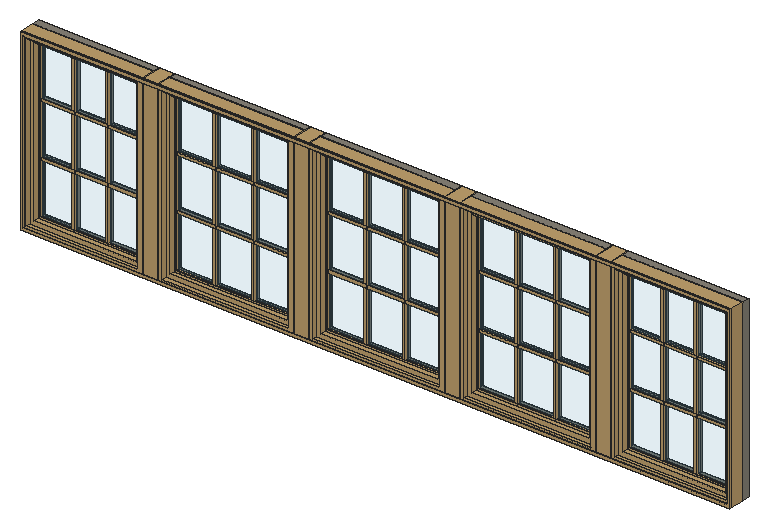
Revit family
Parameters (values of type "CUCA3648")
  Window Type = "Clad Ultimate Casement"
  Vent Area = VO Width * VO Height * 2  # 14.5236 SF
  VO Width = if(Operating Width < 1' 8", Operating Width - 0' 9 19/32", Operating Width - 0' 7 7/64")  # 2' - 0 57/64"
  VO Height = Height - 0' 5 29/256"  # 3' - 6 3/256"
  URL = "www.marvin.com"
  Stationary Width = if(Standard Marvin Widths, Stationary Unit Standard Width, Stationary Unit Width)  # 3' - 0"
  Stationary Units Array = if(Stationary Units < 2, 2, Stationary Units)  # 3
  Stationary Units = (Mulled Units - 2)  # 3
  Stationary Unit Width = Nominal Width Center Unit  # 3' - 0"
  Standard Marvin Widths = yes
  Prairie Corner Width = 0' - 4"
  Prairie Corner Height = 0' - 4"
  Operating Width = if(Standard Marvin Widths, Operating Unit Standard Width, Operating Unit Width)  # 2' - 8"
  Operating Units = 2  # constant formula
  Operating Unit Width = 2' - 8"
  Operating Unit Standard Width = Calc_Width Operating  # 2' - 8"
  Stationary Unit Standard Width = Calc_Width Stationary  # 3' - 0"
  Stationary Unit Mull Width = (Stationary Units * Stationary Width) + ((Stationary Units + 1) * Mull Space)  # 10' - 4"
  Stationary Single Visibility = Mulled Units Array = 3  # no
  Stationary Array Visibility = Mulled Units Array > 3  # yes
  Space = if(Mull Space > 0' 0 1/32", Mull Space, 0' 0 1/32")  # 0' - 4"
  Plan Swing Angle [instance] = 15.00°
  Nominal Width Center Unit = 3' - 0"
  Nominal Height = 4' - 0"
  Muntins Interior Material = Wood-Marvin-Pine
  Muntins Exterior Material = Aluminum-Marvin-Bronze
  Mulled Units Array = if(Mulled Units < 2, 2, Mulled Units)  # 5
  Mulled Units = 5
  Mull Space Units = if(Mulled Units < 3, 2, (Mulled Units - 1))  # 4
  Mull Space Single Visibility = and(Mulled Units Array = 2, Mull Space > 0' 0 1/32")  # no
  Mull Space Array Visibility = and(Mulled Units Array > 2, Mull Space > 0' 0 1/32")  # yes
  Mull Space = 0' - 4"
  Model Flanker CUCA = Calc_Model Width * 100 + Calc_Model Height  # 3248
  Model = "CUCA3648"
  Manufacturer = "Marvin Windows and Doors"
  Lites Wide Operator Constraint = if(Operating Unit Standard Width > 1' 4", Lites Wide, if(Lites Wide < 2, 1, 2))  # 3
  Lites Wide Operator = 3
  Lites Wide Constraint = if(Stationary Unit Standard Width > 1' 4", Lites Wide, if(Lites Wide < 2, 1, 2))  # 3
  Lites Wide = 3
  Lites High Constraint = if(Nominal Height > 1' 4", Lites High, if(Lites High < 2, 1, 2))  # 3
  Lites High = 3
  Lite Cut Prairie 9 Constraint = if(and(and(Stationary Unit Standard Width > 1' 4", Nominal Height > 1' 4"), and(Operating Unit Standard Width > 1' 4"), Nominal Height > 1' 4"), Lite Cut Prairie 9, 1 = 0)  # no
  Lite Cut Prairie 9 = no
  Lite Cut HV Grid = not(Lite Cut Prairie 9)  # yes
  Label Visibility = no
  Label Egress = if(and(and(VO Width > 1' 8", VO Height > 2' 0"), Vent Area > 5.70 SF), "EGRESS WDW", "")  # "EGRESS WDW"
  Label [instance] = and(Label Visibility, Mulled Units > 2)  # no
  Interior Material = Wood-Marvin-Pine
  Glazing Material = Glass-Marvin-IG Low E II with Argon
  Glass Type = "IG Low E II with Argon"
  Frame = "Aluminum Clad"
  Family created by = "www.rbuiltcomponents.com"
  Rough Width = Width + 0' 1"  # 15' - 9"
  Rough Height = Height + 0' 0 1/2"  # 3' - 11 5/8"
  Muntins Interior Visibility = yes
  Muntins Exterior Visibility = yes
  Jamb Extension Visibility = yes
  Inset to Installation Flange [instance] = 0' - 1"
  Height = Nominal Height - 0' 0 7/8"  # 3' - 11 1/8"
  Egress Window = if(and(and(VO Width > 1' 8", VO Height > 2' 0"), Vent Area > 5.70 SF), "Yes", "No")  # "Yes"
  Disclaimer line1 [instance] = "Verify assembly availability"  # constant formula
  Disclaimer line2 [instance] = "with a Marvin representative"  # constant formula
  Design Pressure = "DP50"
  Description = "3648 CSMT"
  Default Head Height = 8' - 0"
  Wall Closure = (empty or 0)
  Width = Operating Width * 2 + Stationary Unit Mull Width  # 15' - 8"
  Daylight Area = (DLO Width Operating * DLO Height * 2) + (DLO Width Stationary * DLO Height * Stationary Units)  # 41.0077 SF
  DLO Width Stationary = Stationary Width - 0' 5 13/16"  # 2' - 6 3/16"
  DLO Width Operating = Operating Width - 0' 5 13/16"  # 2' - 2 3/16"
  DLO Height = Height - 0' 5 13/16"  # 3' - 5 5/16"
  Cladding Material = Aluminum-Marvin-Bronze
  Calc_Width Stationary = if(Stationary Unit Width < 1' 5", 1' 4", if(Stationary Unit Width < 1' 7", 1' 6", if(Stationary Unit Width < 1' 10", 1' 8", if(Stationary Unit Width < 2' 1", 2' 0", if(Stationary Unit Width < 2' 3", 2' 2", if(Stationary Unit Width < 2' 5", 2' 4", if(Stationary Unit Width < 2' 7", 2' 6", if(Stationary Unit Width < 2' 10", 2' 8", if(Stationary Unit Width < 3' 2", 3' 0", 3' 4")))))))))  # 3' - 0"
  Calc_Width Operating = if(Operating Unit Width < 1' 5", 1' 4", if(Operating Unit Width < 1' 7", 1' 6", if(Operating Unit Width < 1' 10", 1' 8", if(Operating Unit Width < 2' 1", 2' 0", if(Operating Unit Width < 2' 3", 2' 2", if(Operating Unit Width < 2' 5", 2' 4", if(Operating Unit Width < 2' 7", 2' 6", if(Operating Unit Width < 2' 10", 2' 8", if(Operating Unit Width < 3' 2", 3' 0", 3' 4")))))))))  # 2' - 8"
  Calc_Model Width = (Operating Unit Standard Width * 12) / 1' 0"  # 32
  Calc_Model Height = (Nominal Height * 12) / 1' 0"  # 48
  Assembly Code = ""
  Note To User = "All Lite Constraints Apply To Standard Widths Or Heights < 1 - 6"  # constant formula
Reference planes (in)
  plane 1 "Center (Front/Back)": y = 0
  plane 2: z = 0
  plane 3 "Center (Left/Right)": x = 37
  plane 4 "Sill": z = 48.875
  plane 5 "Top": z = 96
  plane 6: z = 72.4375
  plane 7: x = -25
  plane 8: x = 99
  plane 9: y = 2
  plane 10 "Jamb Ext face": y = -2.5625
  plane 11: x = -21
  plane 12: x = 95
  plane 13 "Right": x = -57
  plane 14 "Left": x = 131
  plane 15: y = -2.59375
Forms (in)
  Sweep 1, solid, material "Wood-Marvin-Pine" <- "Interior Material", visible <- "Jamb Extension Visibility", detail levels medium+fine
    path origin (0, -2.5625, 0) x (1, 0, 0) y (0, 0, 1)
      loop
        line (-57, 96) -> (-57, 48.875) -> (131, 48.875) -> (131, 96) -> (-57, 96)
    profile origin (37, -2.5625, 96) x (0, 0, 1) y (0, -1, 0)
      loop
        line (0, 0.03125) -> (0, 0.4375) -> (-0.6875, 0.4375) -> (-0.6875, 0.03125) -> (0, 0.03125)
Lines and regions (in)
  Opening 1
    outline origin (-60, -3, 0) x (1, 0, 0) y (0, 0, 1)
      loop
        line (3, 96) -> (3, 48.875) -> (191, 48.875) -> (191, 96) -> (3, 96)
  Masking region 1, visible <- "Jamb Extension Visibility"
    outline origin (0, 0, 48.875) x (0, -1, 0) y (1, 0, 0)
      loop
        line (2.59375, -57) -> (3, -57) -> (3, 131) -> (2.59375, 131) -> (2.59375, -57)
  Masking region 2
    outline origin (37, 0, 0) x (0, 1, 0) y (0, 0, 1)
      loop
        line (3.09401, 96) -> (-2.5625, 96) -> (-2.5625, 48.875) -> (3.09401, 48.875) -> (3.09401, 96)
  Masking region 3, visible <- "Jamb Extension Visibility"
    outline origin (37, 0, 0) x (0, 1, 0) y (0, 0, 1)
      loop
        line (-2.59375, 96) -> (-3, 96) -> (-3, 48.875) -> (-2.59375, 48.875) -> (-2.59375, 96)
  symbolic lines, style "Windows"
    curve 1: line (-57, 3, 0) -> (-57, -3, 0)
    curve 2: line (131, 3, 0) -> (131, -3, 0)
  symbolic lines, style "WindowsFrameMullionProjection", detail levels coarse+medium
    curve 3: line (-3, 3.09401, 96) -> (-3, 3.09401, 94.812)
    curve 4: line (-3, 3.09401, 94.812) -> (-3, -2.56199, 94.812)
    curve 5: line (-3, -2.56199, 94.812) -> (-3, -2.56199, 96)
    curve 6: line (-3, 1.63401, 94.812) -> (-3, 1.63401, 93.104)
    curve 7: line (-3, 1.63401, 93.104) -> (-3, 0.01301, 93.104)
    curve 8: line (-3, 0.01301, 50.063) -> (-3, 0.01301, 51.771)
    curve 9: line (-3, 3.09401, 48.875) -> (-3, 3.09401, 50.063)
    curve 10: line (-3, 3.09401, 50.063) -> (-3, -2.56199, 50.063)
    curve 11: line (-3, -2.56199, 50.063) -> (-3, -2.56199, 48.875)
    curve 12: line (-3, 1.63401, 51.771) -> (-3, 0.01301, 51.771)
    curve 14: line (-3, 0.01301, 51.771) -> (-3, 0.01301, 93.104)
    curve 15: line (-3, 1.63401, 51.771) -> (-3, 1.63401, 50.063)
    curve 16: line (-3, 0.01301, 93.104) -> (-3, 0.01301, 94.812)
    curve 17: line (-3, 1.63401, 93.104) -> (-3, 1.63401, 51.771)
  symbolic lines, style "WindowsGlassProjection", detail levels coarse+medium
    curve 13: line (-3, 0.82598, 93.104) -> (-3, 0.82598, 51.771)
  symbolic lines, style "WindowsFrameMullionProjection"
    curve 18: line (-3, -2.56199, 50.063) -> (-3, -2.56199, 94.812)
  symbolic lines, style "WindowsFrameMullionProjection", visible <- "Jamb Extension Visibility", detail levels coarse+medium
    curve 19: line (37, -2.59375, 49.5625) -> (37, -3, 49.5625)
    curve 20: line (37, -3, 49.5625) -> (37, -3, 48.875)
    curve 25: line (37, -2.59375, 95.3125) -> (37, -3, 95.3125)
    curve 26: line (37, -3, 95.3125) -> (37, -3, 96)
    curve 27: line (-56.3125, -2.59375, 0) -> (-56.3125, -3, 0)
    curve 28: line (-56.3125, -3, 0) -> (-57, -3, 0)
    curve 29: line (130.3125, -2.59375, 0) -> (130.3125, -3, 0)
    curve 30: line (130.3125, -3, 0) -> (131, -3, 0)
  symbolic lines, style "Jamb Extension", visible <- "Jamb Extension Visibility", detail levels fine
    curve 21: line (37, -2.59375, 49.5625) -> (37, -3, 49.5625)
    curve 22: line (37, -3, 49.5625) -> (37, -3, 48.875)
    curve 23: line (37, -2.59375, 95.3125) -> (37, -3, 95.3125)
    curve 24: line (37, -3, 95.3125) -> (37, -3, 96)
    curve 31: line (130.3125, -2.59375, 0) -> (130.3125, -3, 0)
    curve 32: line (130.3125, -3, 0) -> (131, -3, 0)
    curve 33: line (-56.3125, -2.59375, 0) -> (-56.3125, -3, 0)
    curve 34: line (-56.3125, -3, 0) -> (-57, -3, 0)
Text (in)
  text "EXTERIOR" at (-58.6888, 50.90694, 0), in view "Ref. Level"
  text "INTERIOR" at (-58.6888, -37.76638, 0), in view "Ref. Level"
  text "Exterior" at (0, 43.65631, 123.19604), in view "Left"
  text "Exterior" at (0, 18.29385, 125.04747), in view "Right"
Dimensions and locks (in)
  "Height": plane 4 "Sill" to plane 5 "Top"
  equal spacing: plane 4 "Sill", plane 6, plane 5 "Top"
  "Default Head Height": plane 2 to plane 5 "Top"
  "Inset to Installation Flange": plane 9 to host wall
  locked: plane 10 "Jamb Ext face" to plane 9 at 4.5625
  nested 1 to host wall = 1' - 1"
  "Mull Space": plane 7 to plane 11
  "Mull Space": plane 12 to plane 8
  equal spacing: group 1, group 3, group 4, group 2  (x3)
  "Width": plane 13 "Right" to plane 14 "Left"
  equal spacing: plane 11, plane 3 "Center (Left/Right)", plane 12
  "Operating Width": plane 13 "Right" to plane 7
  "Operating Width": plane 8 to plane 14 "Left"
  equal spacing: group 5, group 7, group 6  (x3)
  equal spacing: plane 13 "Right", nested 9, plane 7
  equal spacing: plane 8, nested 10, plane 14 "Left"
  equal spacing: group 8, group 10, group 9  (x3)
  locked: plane 15 to plane 10 "Jamb Ext face" at 0.03125
  locked: Sweep 1 sketch curve to plane 5 "Top" at 0.6875
  aligned and locked: plane 5 "Top" to Opening 1 sketch curve
  aligned and locked: plane 4 "Sill" to Opening 1 sketch curve  (x2)
  aligned and locked: plane 3 "Center (Left/Right)" to nested 1
  aligned and locked: host wall to curve 1  (x2)
  aligned and locked: host wall to curve 2  (x2)
  aligned and locked: plane 3 "Center (Left/Right)" to nested 2
  aligned and locked: plane 9 to nested 2
  aligned and locked: plane 4 "Sill" to nested 3
  aligned and locked: plane 7 to nested 3
  aligned and locked: plane 9 to nested 3
  aligned and locked: nested 4 to plane 8
  aligned and locked: plane 9 to nested 4
  aligned and locked: nested 4 to plane 4 "Sill"
  aligned and locked: Masking region 1 sketch curve to host wall
  aligned and locked: plane 4 "Sill" to nested 5
  aligned and locked: plane 7 to nested 5
  aligned and locked: plane 9 to nested 5
  aligned and locked: plane 5 "Top" to Masking region 2 sketch curve
  aligned and locked: Masking region 2 sketch curve to plane 4 "Sill"
  aligned and locked: plane 4 "Sill" to nested 8
  aligned and locked: plane 9 to nested 8
  aligned and locked: curve 10 to nested 8
  aligned and locked: curve 11 to nested 8
  aligned and locked: nested 8 to curve 8
  aligned and locked: curve 15 to nested 8
  aligned and locked: curve 12 to nested 8
  aligned and locked: curve 5 to nested 8
  aligned and locked: curve 4 to nested 8
  aligned and locked: curve 6 to nested 8
  aligned and locked: curve 16 to nested 8
  aligned and locked: curve 7 to nested 8
  aligned and locked: nested 9 to nested 1
  aligned and locked: nested 10 to nested 1
  aligned and locked: plane 14 "Left" to nested 12
  aligned and locked: nested 12 to plane 9
  aligned and locked: plane 13 "Right" to nested 11
  aligned and locked: plane 9 to nested 11
  aligned and locked: plane 14 "Left" to Opening 1 sketch curve
  aligned and locked: plane 13 "Right" to Opening 1 sketch curve
  aligned and locked: plane 11 to nested 13
  aligned and locked: plane 9 to nested 13
  aligned and locked: nested 14 to plane 12
  aligned and locked: plane 9 to nested 14
  aligned and locked: plane 3 "Center (Left/Right)" to nested 16
  aligned and locked: plane 9 to nested 16
  aligned and locked: Masking region 1 sketch curve to plane 14 "Left"
  aligned and locked: plane 13 "Right" to Masking region 1 sketch curve
  aligned and locked: curve 1 to plane 13 "Right"
  aligned and locked: curve 2 to plane 14 "Left"
  aligned and locked: plane 11 to nested 17
  aligned and locked: plane 9 to nested 17
  aligned and locked: nested 17 to plane 4 "Sill"
  aligned and locked: plane 13 "Right" to nested 18
  aligned and locked: plane 9 to nested 18
  aligned and locked: plane 14 "Left" to nested 19
  aligned and locked: plane 9 to nested 19
  aligned and locked: plane 4 "Sill" to nested 19
  aligned and locked: nested 18 to plane 4 "Sill"
  aligned and locked: Masking region 2 sketch curve to nested 18
  aligned and locked: plane 12 to nested 20
  aligned and locked: plane 9 to nested 20
  aligned and locked: nested 20 to plane 4 "Sill"
  aligned and locked: plane 15 to Masking region 1 sketch curve
  aligned and locked: Masking region 2 sketch curve to plane 10 "Jamb Ext face"
  aligned and locked: plane 5 "Top" to Masking region 3 sketch curve
  aligned and locked: Masking region 3 sketch curve to plane 4 "Sill"
  aligned and locked: Masking region 3 sketch curve to host wall
  aligned and locked: plane 15 to Masking region 3 sketch curve
  aligned and locked: plane 13 "Right" to Sweep 1 sketch curve
  aligned and locked: Sweep 1 sketch curve to plane 14 "Left"
  aligned and locked: Sweep 1 sketch curve to plane 4 "Sill"
  aligned and locked: plane 5 "Top" to Sweep 1 sketch curve
  aligned and locked: plane 15 to Sweep 1 sketch curve
  aligned and locked: Sweep 1 sketch curve to host wall
  aligned and locked: profile plane to Sweep 1 sketch curve
  aligned and locked: curve 19 to Sweep 1  (x2)
  aligned and locked: host wall to curve 19
  aligned and locked: curve 23 to Sweep 1  (x2)
  aligned and locked: curve 24 to Sweep 1
  aligned and locked: curve 3 to nested 18
  aligned and locked: curve 9 to nested 18
  aligned and locked: Sweep 1 to curve 27
  aligned and locked: curve 27 to Sweep 1
  aligned and locked: curve 28 to host wall
  aligned and locked: Sweep 1 to curve 29
  aligned and locked: curve 29 to Sweep 1
  aligned and locked: host wall to curve 30
  aligned and locked: nested 2 to plane 4 "Sill"
Automatic sketch dimensions
  curve 11 to plane 4 "Sill" = 0' - 0"
  curve 5 to plane 5 "Top" = 0' - 0"
  curve 9 to plane 4 "Sill" = 0' - 0"
  curve 3 to plane 5 "Top" = 0' - 0"
  curve 8 to curve 13 = 0' - 0.81298"
  curve 22 to plane 4 "Sill" = 0' - 0"
  curve 24 to plane 5 "Top" = 0' - 0"
Nested families (in)
  nested 1: "Label Annotation 1-16 w3" at (37, 16, 0), visible <- "Label", type "Label Annotation 1-16 w3"
  nested 2: "Window-Casement-Marvin-Clad_Ultimate" at (37, 2, 0), visible <- "Stationary Single Visibility", type "Stationary Unit"
    with Elevation Swing RH no, Elevation Swing LH no
  nested 3: "Mull Space" at (-23, 2, 0), type "Mull Space"
  nested 4: "Mull Space" at (97, 2, 0), type "Mull Space"
  nested 5: "Mull Space" at (-23, 2, 0), visible <- "Mull Space Single Visibility", type "Mull Space"
  nested 6: "Mull Space" at (17, 2, 0), type "Mull Space"
  nested 7: "Mull Space" at (57, 2, 0), type "Mull Space"
  nested 8: "Casement_Section_Detail" at (37, 2, 96) x (0, -1, 0) z (1, 0, 0), type "Casement_Section_Detail", detail levels fine
  nested 9: "Label Annotation 1-16 w7" at (-41, 16, 0), visible <- "Label Visibility", type "Label Annotation 1-16 w7"
    with Model 3248
  nested 10: "Label Annotation 1-16 w7" at (115, 16, 0) x (-1, 0, 0) z (0, 0, 1), visible <- "Label Visibility", type "Label Annotation 1-16 w7"
    with Model 3248
  nested 11: "Plan_Detail_Operating" at (-41, 2, 0), type "Plan_Detail"
    with Width 2' - 8", Plan Swing RH no, Plan Swing Length 2' - 5 5/8"
  nested 12: "Plan_Detail_Operating" at (115, 2, 0) x (-1, 0, 0) z (0, 0, 1), type "Plan_Detail"
    with Width 2' - 8", Plan Swing RH no, Plan Swing Length 2' - 5 5/8"
  nested 13: "Plan_Detail" at (-3, 2, 0), visible <- "Stationary Array Visibility", type "Plan_Detail", detail levels fine
  nested 14: "Plan_Detail" at (77, 2, 0), visible <- "Stationary Array Visibility", type "Plan_Detail", detail levels fine
  nested 15: "Plan_Detail" at (37, 2, 0), visible <- "Stationary Array Visibility", type "Plan_Detail", detail levels fine
  nested 16: "Plan_Detail" at (37, 2, 0), visible <- "Stationary Single Visibility", type "Plan_Detail", detail levels fine
  nested 17: "Window-Casement-Marvin-Clad_Ultimate" at (-3, 2, 0), visible <- "Stationary Array Visibility", type "Stationary Unit"
    with Elevation Swing RH no, Elevation Swing LH no
  nested 18: "Window-Casement-Marvin-Clad_Ultimate" at (-41, 2, 0), type "Operating Unit"
    with Elevation Swing RH yes, Elevation Swing LH no
  nested 19: "Window-Casement-Marvin-Clad_Ultimate" at (115, 2, 0), type "Operating Unit"
    with Elevation Swing RH no, Elevation Swing LH yes
  nested 20: "Window-Casement-Marvin-Clad_Ultimate" at (77, 2, 0), visible <- "Stationary Array Visibility", type "Stationary Unit"
    with Elevation Swing RH no, Elevation Swing LH no
  nested 21: "Window-Casement-Marvin-Clad_Ultimate" at (37, 2, 0), visible <- "Stationary Array Visibility", type "Stationary Unit"
    with Elevation Swing RH no, Elevation Swing LH no
Definition of nested family "Window-Casement-Marvin-Clad_Ultimate"
  Parameters (values of type "Stationary Unit")
    Width = 0' - 0"
    Unit Width = 3' - 0"
    Prairie Corner Width = 0' - 4"
    Prairie Corner Height = 0' - 4"
    Muntins Interior Material = Wood-Marvin-Pine
    Muntins Interior = yes
    Muntins Exterior Material = Aluminum-Marvin-Bronze
    Muntins Exterior = yes
    Lites Wide = 3
    Lites High = 3
    Lite Cut Prairie 9 = no
    Lite Cut HV Grid = yes
    Interior Finish = Wood-Marvin-Pine
    Height = 3' - 11 1/8"
    Glazing Material = Glass-Marvin-IG Low E II with Argon
    Elevation Swing RH [instance] = yes
    Elevation Swing LH [instance] = no
    DLO Width = Unit Width - 0' 5 13/16"  # 2' - 6 3/16"
    DLO Height = Height - 0' 5 13/16"  # 3' - 5 5/16"
    Cladding Finish = Aluminum-Marvin-Bronze
    Assembly Code = ""
  Types (2): name | Unit Width | DLO Width
    Stationary Unit | 3' - 0" | 2' - 6 3/16"
    Operating Unit | 2' - 8" | 2' - 2 3/16"
  Reference planes (in)
    plane 1 "Center (Front/Back)": y = 0
    plane 2: z = 0
    plane 3 "Center (Left/Right)": x = 0
    plane 4: x = 18
    plane 5: x = -18
    plane 6 "Glazing": y = -0.75
    plane 7: y = -4.5625
    plane 8: z = 96
    plane 9 "Sill": z = 48.875
    plane 10: z = 72.4375
  Forms (in)
    Sweep 1, solid, material "Aluminum-Marvin-Bronze" <- "Cladding Finish"
      path origin (0, -0.75, 0) x (1, 0, 0) y (0, 0, 1)
        loop
          line (-18, 48.875) -> (18, 48.875) -> (18, 96) -> (-18, 96) -> (-18, 48.875)
      profile "Profile_Ext_Clad_Frame : Profile_Ext_Clad_Frame" origin (0, -0.75, 48.875) x (0, 0, 1) y (0, -1, 0)
        loop
          line (0, 0) -> (0, -1.84401) -> (0.52105, -1.84401) -> (0.62315, -0.38401) -> (2.696, -0.38401) -> (2.696, -0.2654) -> (2.896, -0.0654) -> (2.896, 0) -> (0, 0)
    Sweep 2, solid, material "Wood-Marvin-Pine" <- "Interior Finish"
      path origin (0, -0.75, 0) x (1, 0, 0) y (0, 0, 1)
        loop
          line (18, 48.875) -> (18, 96) -> (-18, 96) -> (-18, 48.875) -> (18, 48.875)
      profile "Profile_Int_Frame : Profile_Int_Frame" origin (0, -0.75, 48.875) x (0, 0, -1) y (0, -1, 0)
        loop
          line (0, 0) -> (0, 3.81199) -> (-1.188, 3.81199) -> (-1.188, 2.71113) -> (-2.30184, 2.71113) -> (-2.30184, 1.23699) -> (-2.7085, 1.23699) -> (-2.7085, 1.13715) -> (-2.896, 0.94965) -> (-2.896, 0.75299) -> (-2.208, 0.75299) -> (-2.208, 0) -> (0, 0)
    Extrusion 3, solid, material "Glass-Marvin-IG Low E II with Argon" <- "Glazing Material"
      sketch origin (0, -0.75, 0) x (1, 0, 0) y (0, 0, 1)
        loop
          line (15.75, 93.75) -> (-15.75, 93.75) -> (-15.75, 51.125) -> (15.75, 51.125) -> (15.75, 93.75)
      from 0 to 0.75299
  Lines and regions (in)
    Masking region 1
      outline origin (0, 0, 48.875) x (1, 0, 0) y (0, 1, 0)
        loop
          line (-18, 1.09401) -> (-18, -4.5625) -> (18, -4.5625) -> (18, 1.09401) -> (-18, 1.09401)
    symbolic lines, style "Elevation Swing", visible <- "Elevation Swing RH"
      curve 1: line (17.37685, 0, 49.49815) -> (-17.37685, 0, 72.4375)
      curve 2: line (17.37685, 0, 95.37685) -> (-17.37685, 0, 72.4375)
    symbolic lines, style "Elevation Swing", visible <- "Elevation Swing LH"
      curve 3: line (-17.37685, 0, 49.49815) -> (17.37685, 0, 72.4375)
      curve 4: line (-17.37685, 0, 95.37685) -> (17.37685, 0, 72.4375)
    symbolic lines, style "WindowsFrameMullionProjection", detail levels coarse+medium
      curve 5: line (-16.812, -4.56199, 48.875) -> (-18, -4.56199, 48.875)
      curve 6: line (-16.812, 1.09401, 48.875) -> (-16.812, -4.56199, 48.875)
      curve 7: line (-18, 1.09401, 48.875) -> (-16.812, 1.09401, 48.875)
      curve 8: line (-18, -4.56199, 48.875) -> (-18, 1.09401, 48.875)
      curve 9: line (16.812, -4.56199, 48.875) -> (18, -4.56199, 48.875)
      curve 10: line (16.812, 1.09401, 48.875) -> (16.812, -4.56199, 48.875)
      curve 11: line (18, 1.09401, 48.875) -> (16.812, 1.09401, 48.875)
      curve 12: line (18, -4.56199, 48.875) -> (18, 1.09401, 48.875)
      curve 13: line (-16.812, -0.36599, 48.875) -> (-15.104, -0.36599, 48.875)
      curve 14: line (-15.104, -1.98699, 48.875) -> (-16.812, -1.98699, 48.875)
      curve 15: line (-15.104, -0.36599, 48.875) -> (-15.104, -1.98699, 48.875)
      curve 16: line (16.812, -0.36599, 48.875) -> (15.104, -0.36599, 48.875)
      curve 17: line (15.104, -1.98699, 48.875) -> (16.812, -1.98699, 48.875)
      curve 18: line (15.104, -0.36599, 48.875) -> (15.104, -1.98699, 48.875)
      curve 20: line (-15.104, -0.36599, 48.875) -> (15.104, -0.36599, 48.875)
      curve 21: line (-15.104, -1.98699, 48.875) -> (15.104, -1.98699, 48.875)
    symbolic lines, style "WindowsGlassProjection", detail levels coarse+medium
      curve 19: line (-15.104, -1.17649, 48.875) -> (15.104, -1.17649, 48.875)
  Dimensions and locks (in)
    equal spacing: plane 5, plane 3 "Center (Left/Right)", plane 4
    "Unit Width": plane 5 to plane 4
    locked: plane 6 "Glazing" to plane 1 "Center (Front/Back)" at 0.75
    locked: plane 7 to plane 1 "Center (Front/Back)" at 4.5625
    plane 2 to plane 8 = 8' - 0"
    "Height": plane 9 "Sill" to plane 8
    equal spacing: plane 9 "Sill", plane 10, plane 8
    locked: Extrusion 3 sketch curve to plane 8 at 2.25
    locked: plane 9 "Sill" to Extrusion 3 sketch curve at 2.25
    locked: Extrusion 3 sketch curve to plane 5 at 2.25
    plane 4 to Extrusion 3 sketch curve = 0' - 2 1/4"
    aligned and locked: Sweep 1 sketch curve to plane 4
    aligned and locked: plane 9 "Sill" to Sweep 1 sketch curve
    aligned and locked: plane 5 to Sweep 1 sketch curve
    aligned and locked: Sweep 1 sketch curve to plane 8
    aligned and locked: plane 9 "Sill" to Sweep 2 sketch curve
    aligned and locked: Sweep 2 sketch curve to plane 8
    aligned and locked: Sweep 2 sketch curve to plane 4
    aligned and locked: plane 5 to Sweep 2 sketch curve
    aligned and locked: Extrusion 3 to plane 6 "Glazing"
    aligned and locked: Extrusion 3 to Sweep 2
    aligned and locked: plane 5 to Masking region 1 sketch curve
    aligned and locked: Masking region 1 sketch curve to plane 4
    aligned and locked: Masking region 1 sketch curve to Sweep 1
    aligned and locked: Masking region 1 sketch curve to plane 7
    aligned and locked: plane 6 "Glazing" to nested 2
    aligned and locked: nested 1 to Sweep 2
    aligned and locked: nested 2 to plane 10
    aligned and locked: nested 2 to plane 3 "Center (Left/Right)"
    aligned and locked: plane 10 to nested 1
    aligned and locked: plane 3 "Center (Left/Right)" to nested 1
    aligned and locked: Sweep 1 to curve 3  (x2)
    aligned and locked: curve 4 to Sweep 1
    aligned and locked: curve 1 to Sweep 1
    aligned and locked: Sweep 1 to curve 1
    aligned and locked: Sweep 1 to curve 2
  Automatic sketch dimensions
    curve 8 to plane 5 = 0' - 0"
    curve 11 to plane 4 = 0' - 0"
    plane 5 to curve 14 = 0' - 1.188"
    curve 14 to curve 15 = 0' - 1.708"
    curve 21 to plane 4 = 0' - 2.896"
    curve 17 to plane 4 = 0' - 1.188"
    curve 9 to plane 7 = 0' - 0.00051"
    plane 1 "Center (Front/Back)" to curve 16 = 0' - 0.36599"
    curve 5 to plane 7 = 0' - 0.00051"
    plane 6 "Glazing" to curve 14 = 0' - 1.23699"
    plane 6 "Glazing" to curve 19 = 0' - 0.42649"
    curve 7 to plane 1 "Center (Front/Back)" = 0' - 1.09401"
    curve 10 to plane 1 "Center (Front/Back)" = 0' - 1.09401"
    curve 2 to plane 10 = 0' - 0"
    curve 4 to plane 10 = 0' - 0"
    plane 9 "Sill" to curve 1 = 0' - 0.62315"
    plane 9 "Sill" to curve 3 = 0' - 0.62315"
    curve 4 to plane 8 = 0' - 0.62315"
    curve 2 to plane 8 = 0' - 0.62315"
  Nested families (in)
    nested 1: "Muntins" at (0, -1.50299, 15.78125), Muntin Material <- "Muntins Interior Material", visible <- "Muntins Interior", type "Muntins"
      with Muntin Material Wood-Marvin-Pine, GlazingWidth 2' - 6 3/16", GlazingHeight 3' - 5 5/16", Width 2' - 6 5/8", Height 3' - 5 3/4", Inset Vert 0' - 9.83333", Inset Horiz 1' - 1.54167"
    nested 2: "Muntins" at (0, -0.75, 15.78125), Muntin Material <- "Muntins Exterior Material", visible <- "Muntins Exterior", type "Muntins"
      with Muntin Material Aluminum-Marvin-Bronze, GlazingWidth 2' - 6 3/16", GlazingHeight 3' - 5 5/16", Width 2' - 6 5/8", Height 3' - 5 3/4", Inset Vert 0' - 9.83333", Inset Horiz 1' - 1.54167"
  Definition of nested family "Muntins"
    Parameters (values of type "Muntins")
      PrairieMuntVisible = no
      Prairie Corner Width = 0' - 4"
      Prairie Corner Height = 0' - 4"
      Muntin Extension = 0' - 0 7/16"
      GridMuntVisible = yes
      GlazingWidth = 2' - 0"
      GlazingHeight = 2' - 11 1/8"
      Width = GlazingWidth + Muntin Extension  # 2' - 0 7/16"
      VerticalMuntins = if(LitesHorizontal < 3, 2, LitesHorizontal - 1)  # 2
      VertMuntVisible = and(GridMuntVisible, LitesHorizontal > 2)  # yes
      MuntinWidth = 0' - 0 3/4"
      MuntinDepth [instance] = 0' - 0 3/8"
      Muntin Material [instance] = none
      LitesVertical = 3
      LitesHorizontal = 3
      HorizontalMuntins = if(LitesVertical < 3, 2, LitesVertical - 1)  # 2
      HorizMuntVisible = and(GridMuntVisible, LitesVertical > 2)  # yes
      Height = GlazingHeight + Muntin Extension  # 2' - 11 9/16"
      Inset Vert = if(LitesHorizontal < 3, (Width / 3) - (MuntinWidth / 2), (Width / LitesHorizontal) - (MuntinWidth / 2))  # 0' - 7.77083"
      Inset Horiz = if(LitesVertical < 3, (Height / 3) - (MuntinWidth / 2), (Height / LitesVertical) - (MuntinWidth / 2))  # 0' - 11.47917"
      CenterMuntinVertical = and(GridMuntVisible, LitesHorizontal = 2)  # no
      CenterMuntinHorizontal = and(GridMuntVisible, LitesVertical = 2)  # no
      Assembly Code = ""
    Reference planes (in)
      plane 1 "Center (Front/Back)": y = 0
      plane 2: z = 0
      plane 3 "Center (Left/Right)": x = 0
      plane 4: z = 35.78125
      plane 5: z = 53.5625
      plane 6: z = 71.34375
      plane 7: z = 59.86458
      plane 8: z = 47.26042
      plane 9: z = 71.125
      plane 10: z = 36
      plane 11: x = -12
      plane 12: x = 12
      plane 13: x = -4.44792
      plane 14: x = -12.21875
      plane 15: x = 12.21875
      plane 16: x = 4.44792
      plane 17: z = 67.125
      plane 18: z = 40
      plane 19: x = -8
      plane 20: x = 8
    Forms (in)
      Extrusion 1, solid, material <- "Muntin Material", visible <- "CenterMuntinVertical", detail levels medium+fine
        sketch origin (9, 0, 0) x (1, 0, 0) y (0, 0, 1)
          loop
            line (-9.375, 71.34375) -> (-9.375, 35.78125) -> (-8.625, 35.78125) -> (-8.625, 71.34375) -> (-9.375, 71.34375)
        from 0 to 0.375 <- "MuntinDepth"
      Extrusion 2, solid, material <- "Muntin Material", visible <- "CenterMuntinHorizontal", detail levels medium+fine
        sketch origin (-0.0013, 0, 14.6875) x (1, 0, 0) y (0, 0, 1)
          loop
            line (-12.21745, 39.25) -> (-12.21745, 38.5) -> (12.22005, 38.5) -> (12.22005, 39.25) -> (-12.21745, 39.25)
        from 0 to 0.375 <- "MuntinDepth"
      Extrusion 3, solid, material <- "Muntin Material", visible <- "VertMuntVisible", detail levels medium+fine
        sketch origin (4.92708, 0, -2.90625) x (1, 0, 0) y (0, 0, 1)
          loop
            line (-9.375, 74.25) -> (-9.375, 38.6875) -> (-8.625, 38.6875) -> (-8.625, 74.25) -> (-9.375, 74.25)
        from 0 to 0.375 <- "MuntinDepth"
      Extrusion 4, solid, material <- "Muntin Material", visible <- "HorizMuntVisible", detail levels medium+fine
        sketch origin (-3.09635, 0, 14.17708) x (1, 0, 0) y (0, 0, 1)
          loop
            line (-9.1224, 45.6875) -> (-9.1224, 44.9375) -> (15.3151, 44.9375) -> (15.3151, 45.6875) -> (-9.1224, 45.6875)
        from 0 to 0.375 <- "MuntinDepth"
      Extrusion 5, solid, material <- "Muntin Material", visible <- "HorizMuntVisible", detail levels medium+fine
        sketch origin (-3.09635, 0, 2.32292) x (1, 0, 0) y (0, 0, 1)
          loop
            line (-9.1224, 45.6875) -> (-9.1224, 44.9375) -> (15.3151, 44.9375) -> (15.3151, 45.6875) -> (-9.1224, 45.6875)
        from 0 to 0.375 <- "MuntinDepth"
      Extrusion 6, solid, material <- "Muntin Material", visible <- "VertMuntVisible", detail levels medium+fine
        sketch origin (13.07292, 0, -2.90625) x (1, 0, 0) y (0, 0, 1)
          loop
            line (-9.375, 74.25) -> (-9.375, 38.6875) -> (-8.625, 38.6875) -> (-8.625, 74.25) -> (-9.375, 74.25)
        from 0 to 0.375 <- "MuntinDepth"
      Extrusion 7, solid, material <- "Muntin Material", visible <- "PrairieMuntVisible", detail levels medium+fine
        sketch origin (1, 0, 0) x (1, 0, 0) y (0, 0, 1)
          loop
            line (-9, 71.34375) -> (-9, 35.78125) -> (-8.25, 35.78125) -> (-8.25, 71.34375) -> (-9, 71.34375)
        from 0 to 0.375 <- "MuntinDepth"
      Extrusion 8, solid, material <- "Muntin Material", visible <- "PrairieMuntVisible", detail levels medium+fine
        sketch origin (17, 0, 0) x (1, 0, 0) y (0, 0, 1)
          loop
            line (-9.75, 71.34375) -> (-9.75, 35.78125) -> (-9, 35.78125) -> (-9, 71.34375) -> (-9.75, 71.34375)
        from 0 to 0.375 <- "MuntinDepth"
      Extrusion 9, solid, material <- "Muntin Material", visible <- "PrairieMuntVisible", detail levels medium+fine
        sketch origin (-0.0013, 0, 28.25) x (1, 0, 0) y (0, 0, 1)
          loop
            line (-12.21745, 38.875) -> (-12.21745, 38.125) -> (12.22005, 38.125) -> (12.22005, 38.875) -> (-12.21745, 38.875)
        from 0 to 0.375 <- "MuntinDepth"
      Extrusion 10, solid, material <- "Muntin Material", visible <- "PrairieMuntVisible", detail levels medium+fine
        sketch origin (-0.0013, 0, 1.125) x (1, 0, 0) y (0, 0, 1)
          loop
            line (-12.21745, 39.625) -> (-12.21745, 38.875) -> (12.22005, 38.875) -> (12.22005, 39.625) -> (-12.21745, 39.625)
        from 0 to 0.375 <- "MuntinDepth"
    Cuts and joins
      joined: Extrusion 7, Extrusion 8, Extrusion 9, Extrusion 10
    Lines and regions (in)
      model lines, style "Muntins", visible <- "CenterMuntinHorizontal", detail levels coarse
        curve 1: line (-12.21875, 0, 53.5625) -> (12.21875, 0, 53.5625)
      model lines, style "Muntins", visible <- "HorizMuntVisible", detail levels coarse
        curve 2: line (-12.21875, 0, 59.48958) -> (12.21875, 0, 59.48958)
        curve 3: line (-12.21875, 0, 47.63542) -> (12.21875, 0, 47.63542)
      model lines, style "Muntins", visible <- "CenterMuntinVertical", detail levels coarse
        curve 4: line (0, 0, 71.34375) -> (0, 0, 35.78125)
      model lines, style "Muntins", visible <- "VertMuntVisible", detail levels coarse
        curve 5: line (-4.07292, 0, 71.34375) -> (-4.07292, 0, 35.78125)
        curve 6: line (4.07292, 0, 71.34375) -> (4.07292, 0, 35.78125)
      model lines, style "Muntins", visible <- "PrairieMuntVisible", detail levels coarse
        curve 7: line (-12.21875, 0, 66.75) -> (12.21875, 0, 66.75)
        curve 8: line (-12.21875, 0, 40.375) -> (12.21875, 0, 40.375)
        curve 9: line (-7.625, 0, 35.78125) -> (-7.625, 0, 71.34375)
        curve 10: line (7.625, 0, 35.78125) -> (7.625, 0, 71.34375)
    Dimensions and locks (in)
      "Inset Horiz": plane 6 to plane 7
      "Inset Horiz": plane 8 to plane 4
      equal spacing: plane 6, plane 5, plane 4
      "Height": plane 6 to plane 4
      "GlazingHeight": plane 9 to plane 10
      equal spacing: plane 9, plane 5, plane 10
      "GlazingWidth": plane 12 to plane 11
      equal spacing: plane 12, plane 3 "Center (Left/Right)", plane 11
      "MuntinWidth": Extrusion 1 sketch curve to Extrusion 1 sketch curve
      "Height": Extrusion 1 sketch curve to Extrusion 1 sketch curve
      "MuntinWidth": Extrusion 2 sketch curve to Extrusion 2 sketch curve
      "Width": Extrusion 2 sketch curve to Extrusion 2 sketch curve
      "MuntinWidth": Extrusion 3 sketch curve to Extrusion 3 sketch curve
      "Height": Extrusion 3 sketch curve to Extrusion 3 sketch curve
      "Width": plane 15 to plane 14
      equal spacing: plane 15, plane 3 "Center (Left/Right)", plane 14
      "Inset Vert": plane 13 to plane 14
      "Inset Vert": plane 15 to plane 16
      "MuntinWidth": Extrusion 4 sketch curve to Extrusion 4 sketch curve
      "Width": Extrusion 4 sketch curve to Extrusion 4 sketch curve
      "MuntinWidth": Extrusion 5 sketch curve to Extrusion 5 sketch curve
      "Width": Extrusion 5 sketch curve to Extrusion 5 sketch curve
      group 2 to group 3 = 0' - 0"  (x2)
      group 3 to group 2 = 0' - 11.85417"
      "MuntinWidth": Extrusion 6 sketch curve to Extrusion 6 sketch curve
      "Height": Extrusion 6 sketch curve to Extrusion 6 sketch curve
      group 4 to group 5 = 0' - 8.14583"
      group 4 to group 5 = 0' - 0"  (x2)
      "Prairie Corner Width": plane 19 to plane 11
      "Prairie Corner Width": plane 20 to plane 12
      "Prairie Corner Height": plane 9 to plane 17
      "Prairie Corner Height": plane 18 to plane 10
      "MuntinWidth": Extrusion 7 sketch curve to Extrusion 7 sketch curve
      "Height": Extrusion 7 sketch curve to Extrusion 7 sketch curve
      "MuntinWidth": Extrusion 8 sketch curve to Extrusion 8 sketch curve
      "Height": Extrusion 8 sketch curve to Extrusion 8 sketch curve
      "MuntinWidth": Extrusion 9 sketch curve to Extrusion 9 sketch curve
      "Width": Extrusion 9 sketch curve to Extrusion 9 sketch curve
      "MuntinWidth": Extrusion 10 sketch curve to Extrusion 10 sketch curve
      "Width": Extrusion 10 sketch curve to Extrusion 10 sketch curve
      aligned and locked: plane 6 to Extrusion 1  (x2)
      aligned and locked: Extrusion 1 to plane 4  (x3)
      aligned and locked: Extrusion 3 to plane 13  (x5)
      aligned and locked: Extrusion 3 to plane 4  (x3)
      aligned and locked: Extrusion 2 to plane 14
      aligned and locked: plane 15 to Extrusion 2
      aligned and locked: plane 6 to Extrusion 3
      aligned and locked: plane 7 to Extrusion 4
      aligned and locked: Extrusion 4 to plane 14
      aligned and locked: plane 15 to Extrusion 4
      aligned and locked: curve 1 to plane 5
      aligned and locked: plane 14 to curve 1
      aligned and locked: plane 15 to curve 1
      aligned and locked: Extrusion 5 to plane 14
      aligned and locked: Extrusion 5 to plane 8
      aligned and locked: plane 15 to Extrusion 5
      aligned and locked: Extrusion 5 to curve 3  (x2)
      aligned and locked: Extrusion 4 to curve 2  (x2)
      aligned and locked: curve 4 to plane 3 "Center (Left/Right)"
      aligned and locked: Extrusion 1 to curve 4  (x2)
      aligned and locked: Extrusion 3 to curve 5  (x2)
      aligned and locked: Extrusion 6 to curve 6  (x2)
      aligned and locked: Extrusion 6 to plane 16
      aligned and locked: plane 6 to Extrusion 6
      aligned and locked: plane 6 to curve 6
      aligned and locked: Extrusion 6 to plane 4
      aligned and locked: plane 4 to curve 6
      aligned and locked: cut or joined group of Extrusion 7, Extrusion 8, Extrusion 9, Extrusion 10 to plane 19
      aligned and locked: plane 20 to cut or joined group of Extrusion 7, Extrusion 8, Extrusion 9, Extrusion 10
      aligned and locked: plane 17 to cut or joined group of Extrusion 7, Extrusion 8, Extrusion 9, Extrusion 10
      aligned and locked: cut or joined group of Extrusion 7, Extrusion 8, Extrusion 9, Extrusion 10 to plane 18
      aligned and locked: cut or joined group of Extrusion 7, Extrusion 8, Extrusion 9, Extrusion 10 to curve 7  (x2)
      aligned and locked: cut or joined group of Extrusion 7, Extrusion 8, Extrusion 9, Extrusion 10 to curve 8  (x2)
      aligned and locked: cut or joined group of Extrusion 7, Extrusion 8, Extrusion 9, Extrusion 10 to curve 9  (x2)
      aligned and locked: cut or joined group of Extrusion 7, Extrusion 8, Extrusion 9, Extrusion 10 to curve 10  (x2)
    Automatic sketch dimensions
      Extrusion 1 sketch curve to plane 4 = 0' - 0"
      Extrusion 1 sketch curve to plane 3 "Center (Left/Right)" = 0' - 0 3/8"
      Extrusion 2 sketch curve to plane 14 = 0' - 0"
      Extrusion 2 sketch curve to plane 5 = 0' - 0 3/8"
      Extrusion 7 sketch curve to plane 4 = 0' - 0"
      Extrusion 7 sketch curve to plane 19 = 0' - 0"
      Extrusion 8 sketch curve to plane 4 = 0' - 0"
      Extrusion 8 sketch curve to plane 20 = 0' - 0 3/4"
      Extrusion 9 sketch curve to plane 14 = 0' - 0"
      Extrusion 9 sketch curve to plane 17 = 0' - 0 3/4"
      Extrusion 10 sketch curve to plane 14 = 0' - 0"
      Extrusion 10 sketch curve to plane 18 = 0' - 0"
      plane 19 to curve 9 = 0' - 0 3/8"
      curve 10 to plane 20 = 0' - 0 3/8"
      plane 18 to curve 8 = 0' - 0 3/8"
      curve 7 to plane 17 = 0' - 0 3/8"
Definition of nested family "Mull Space"
  Parameters (values of type "Mull Space")
    Mull Space = 0' - 4"
    Interior Finish = Wood-Marvin-Pine
    Height = 3' - 11 1/8"
    Cladding Finish = Aluminum-Marvin-Bronze
    Assembly Code = ""
  Reference planes (in)
    plane 1 "Center (Front/Back)": y = 0
    plane 2: z = 0
    plane 3 "Center (Left/Right)": x = 0
    plane 4: y = -4.5625
    plane 5: y = 1.09375
    plane 6: x = 2
    plane 7: x = -2
    plane 8: z = 96
    plane 9 "Sill": z = 48.875
  Forms (in)
    Extrusion 1, solid, material "Wood-Marvin-Pine" <- "Interior Finish"
      sketch origin (0, 0, 0) x (1, 0, 0) y (0, 1, 0)
        loop
          line (-2, 1.09375) -> (-2, -4.5625) -> (2, -4.5625) -> (2, 1.09375) -> (-2, 1.09375)
      from 48.875 to 96
  Lines and regions (in)
    Masking region 1
      outline origin (0, 0, 48.875) x (1, 0, 0) y (0, 1, 0)
        loop
          line (-2, 1.09375) -> (-2, -4.5625) -> (2, -4.5625) -> (2, 1.09375) -> (-2, 1.09375)
    Split face 1
      outline origin (0, 0, 96) x (1, 0, 0) y (0, 1, 0)
        loop
          line (2, 0) -> (-2, 0)
    Split face 2
      outline origin (0, 0, 48.875) x (1, 0, 0) y (0, 1, 0)
        loop
          line (2, 0) -> (-2, 0)
    symbolic lines, style "WindowsFrameMullionProjection", detail levels coarse+medium
      curve 1: line (-2, 1.09375, 48.875) -> (2, 1.09375, 48.875)
      curve 2: line (-2, -4.5625, 48.875) -> (2, -4.5625, 48.875)
  Dimensions and locks (in)
    locked: plane 4 to plane 1 "Center (Front/Back)" at 4.5625
    locked: plane 1 "Center (Front/Back)" to plane 5 at 1.09375
    equal spacing: plane 7, plane 3 "Center (Left/Right)", plane 6
    "Mull Space": plane 7 to plane 6
    "Height": plane 9 "Sill" to plane 8
    aligned and locked: plane 5 to Extrusion 1 sketch curve
    aligned and locked: Extrusion 1 sketch curve to plane 4
    aligned and locked: Extrusion 1 sketch curve to plane 6
    aligned and locked: plane 7 to Extrusion 1 sketch curve
    aligned and locked: plane 8 to Extrusion 1
    aligned and locked: plane 7 to Masking region 1 sketch curve
    aligned and locked: Masking region 1 sketch curve to plane 6
    aligned and locked: plane 5 to Masking region 1 sketch curve
    aligned and locked: Masking region 1 sketch curve to plane 4
    aligned and locked: Split face 1 sketch curve to plane 1 "Center (Front/Back)"
    aligned and locked: Split face 2 sketch curve to plane 1 "Center (Front/Back)"
    aligned and locked: Extrusion 1 to plane 9 "Sill"
  Automatic sketch dimensions
    Split face 1 sketch curve to Extrusion 1 = 0' - 0"  (x2)
    Split face 2 sketch curve to Extrusion 1 = 0' - 0"  (x2)
    curve 2 to plane 4 = 0' - 0"
    curve 2 to plane 7 = 0' - 0"
    curve 1 to plane 5 = 0' - 0"
    curve 1 to plane 7 = 0' - 0"
    curve 2 to plane 6 = 0' - 0"
    curve 1 to plane 6 = 0' - 0"
Definition of nested family "Label Annotation 1-16 w3"
  Parameters (values of type "Label Annotation 1-16 w3")
    Mulled Units = 3
    Egress Info = "EGRESS WDW"
    Description = "3648 CSMT"
  Reference planes (in)
    plane 1: y = 0
    plane 2: x = 0
  Text (in)
    label "Mulled Units X Description Egress Info" at (0.00375, -0.00345, 0), shows "Mulled Units", "Description", "Egress Info"
Definition of nested family "Casement_Section_Detail"
  Parameters (values of type "Casement_Section_Detail")
    Height = 3' - 11 1/8"
    Assembly Code = ""
  Reference planes (in)
    plane 1 "Center (Front/Back)": y = 0
    plane 2: z = 0
    plane 3 "Center (Left/Right)": x = 0
    plane 4: y = 47.125
  Lines and regions (in)
    detail lines, style "Cut Lines", in view "Ref. Level"
      curve 1: line (0.74625, 44.77203, 0) -> (0.74625, 2.35297, 0)
      curve 2: line (0.86425, 44.77203, 0) -> (0.86425, 2.35297, 0)
      curve 3: line (1.37825, 44.77203, 0) -> (1.37825, 2.35297, 0)
      curve 4: line (1.49625, 44.77203, 0) -> (1.49625, 2.35297, 0)
    detail lines, style "DetailComponentsHiddenLines", in view "Ref. Level"
      curve 5: line (2.36799, 3.28429, 0) -> (2.36799, 44.04984, 0)
  Dimensions and locks (in)
    "Height": plane 4 to plane 1 "Center (Front/Back)"
    aligned and locked: plane 1 "Center (Front/Back)" to nested 1
    aligned and locked: plane 3 "Center (Left/Right)" to nested 1
    aligned and locked: nested 2 to plane 4
    aligned and locked: plane 3 "Center (Left/Right)" to nested 2
    aligned and locked: nested 1 to curve 5  (x2)
    aligned and locked: nested 2 to curve 5
  Automatic sketch dimensions
    plane 3 "Center (Left/Right)" to curve 1 = 0' - 0.74625"
    curve 1 to curve 2 = 0' - 0.118"
    curve 2 to curve 3 = 0' - 0.514"
    curve 3 to curve 4 = 0' - 0.118"
    curve 3 to curve 5 = 0' - 0.93132"
    curve 2 to curve 3 = 0' - 0"  (x2)
    curve 4 to curve 3 = 0' - 0"  (x2)
    curve 1 to curve 2 = 0' - 0"  (x2)
    curve 5 to curve 3 = 0' - 0.72219"
  Nested families (in)
    nested 1: "Sill_Detail" at (0, 0, 0), type "Sill_Detail", in view "Ref. Level"
    nested 2: "Head_Detail" at (0, 47.125, 0), type "Head_Detail", in view "Ref. Level"
  Definition of nested family "Sill_Detail"
    Parameters (values of type "Sill_Detail")
      Assembly Code = ""
    Reference planes (in)
      plane 1 "Center (Front/Back)": y = 0
      plane 2: z = 0
      plane 3 "Center (Left/Right)": x = 0
    Lines and regions (in)
      detail lines, style "Cut Lines", in view "Ref. Level"
        curve 1: line (4.56199, 0, 0) -> (4.56199, 1.188, 0)
        curve 2: line (-1.09401, 0, 0) -> (4.56199, 0, 0)
        curve 3: line (4.56199, 1.188, 0) -> (0.76198, 1.188, 0)
        curve 4: line (-1.09401, 0.52105, 0) -> (-1.09401, 0, 0)
        curve 5: line (0.56409, 0.637, 0) -> (-1.09401, 0.52105, 0)
        curve 6: line (0.56409, 0.637, 0) -> (1.98699, 0.637, 0)
        curve 7: line (0, -1.5, 0) -> (0, -0.15, 0)
        curve 8: line (-0.04501, 0, 0) -> (-0.04501, -1.5, 0)
        curve 9: line (-0.04501, -1.5, 0) -> (0, -1.5, 0)
        curve 10: line (0.10999, -0.15, 0) -> (0.10999, 0, 0)
        curve 11: line (0, -0.15, 0) -> (0.10999, -0.15, 0)
        curve 12: line (3.46342, 1.188, 0) -> (3.46342, 2.51098, 0)
        curve 13: line (3.46342, 2.51098, 0) -> (1.98699, 2.51098, 0)
        curve 14: line (0.76198, 0.805, 0) -> (0.76198, 1.188, 0)
        curve 15: line (0.36599, 0.805, 0) -> (0.76198, 0.805, 0)
        curve 16: line (0.36599, 2.696, 0) -> (0.36599, 0.805, 0)
        curve 17: line (0.4846, 2.696, 0) -> (0.36599, 2.696, 0)
        curve 18: line (0.6846, 2.896, 0) -> (0.4846, 2.696, 0)
        curve 19: line (0.71396, 2.208, 0) -> (0.71396, 2.896, 0)
        curve 20: line (1.50299, 2.208, 0) -> (0.71396, 2.208, 0)
        curve 21: line (1.50299, 2.896, 0) -> (1.50299, 2.208, 0)
        curve 22: line (1.67399, 2.896, 0) -> (1.50299, 2.896, 0)
        curve 23: line (1.98699, 2.677, 0) -> (1.89299, 2.677, 0)
        curve 24: line (1.98699, 0.637, 0) -> (1.98699, 2.677, 0)
        curve 25: line (0.71396, 2.896, 0) -> (0.6846, 2.896, 0)
        curve 26: line (1.89299, 2.677, 0) -> (1.67399, 2.896, 0)
        curve 27: line (2.71899, 2.51098, 0) -> (2.71899, 3.19429, 0)
        curve 28: line (2.34399, 3.09029, 0) -> (2.34399, 2.51098, 0)
        curve 29: line (2.57074, 3.09029, 0) -> (2.34399, 3.09029, 0)
        curve 30: line (2.57074, 3.21229, 0) -> (2.57074, 3.09029, 0)
        curve 31: line (2.61899, 3.28429, 0) -> (2.36799, 3.28429, 0)
        curve 32: line (2.36799, 3.21229, 0) -> (2.57074, 3.21229, 0)
        curve 33: line (2.36799, 3.21229, 0) -> (2.36799, 3.28429, 0)
        curve 34: line (2.71899, 3.19429, 0) -> (2.61899, 3.19429, 0)
        curve 35: line (2.61899, 3.19429, 0) -> (2.61899, 3.28429, 0)
        curve 36: line (1.38075, 2.353, 0) -> (1.49875, 2.353, 0)
        curve 37: line (0.86675, 2.478, 0) -> (1.38075, 2.478, 0)
        curve 38: line (0.87375, 2.728, 0) -> (1.37375, 2.728, 0)
        curve 39: line (0.74875, 2.353, 0) -> (0.86675, 2.353, 0)
  Definition of nested family "Head_Detail"
    Parameters (values of type "Head_Detail")
      Assembly Code = ""
    Reference planes (in)
      plane 1 "Center (Front/Back)": y = 0
      plane 2: z = 0
      plane 3 "Center (Left/Right)": x = 0
    Lines and regions (in)
      detail lines, style "Cut Lines", in view "Ref. Level"
        curve 1: line (4.56199, 0, 0) -> (4.56199, -1.188, 0)
        curve 2: line (-1.09401, 0, 0) -> (4.56199, 0, 0)
        curve 3: line (4.56199, -1.188, 0) -> (0.76198, -1.188, 0)
        curve 4: line (-1.09401, -0.52105, 0) -> (-1.09401, 0, 0)
        curve 5: line (0.56409, -0.637, 0) -> (-1.09401, -0.52105, 0)
        curve 6: line (0.56409, -0.637, 0) -> (1.98699, -0.637, 0)
        curve 7: line (0, 1.5, 0) -> (0, 0.15, 0)
        curve 8: line (-0.04501, 0, 0) -> (-0.04501, 1.5, 0)
        curve 9: line (-0.04501, 1.5, 0) -> (0, 1.5, 0)
        curve 10: line (0.10999, 0.15, 0) -> (0.10999, 0, 0)
        curve 11: line (0, 0.15, 0) -> (0.10999, 0.15, 0)
        curve 12: line (3.46342, -1.188, 0) -> (3.46342, -2.30184, 0)
        curve 13: line (3.46342, -2.30184, 0) -> (2.34399, -2.30184, 0)
        curve 14: line (2.34399, -2.489, 0) -> (1.98699, -2.489, 0)
        curve 15: line (0.76198, -0.805, 0) -> (0.76198, -1.188, 0)
        curve 16: line (0.36599, -0.805, 0) -> (0.76198, -0.805, 0)
        curve 17: line (0.36599, -2.696, 0) -> (0.36599, -0.805, 0)
        curve 18: line (0.4846, -2.696, 0) -> (0.36599, -2.696, 0)
        curve 19: line (0.6846, -2.896, 0) -> (0.4846, -2.696, 0)
        curve 20: line (0.71396, -2.208, 0) -> (0.71396, -2.896, 0)
        curve 21: line (1.50299, -2.208, 0) -> (0.71396, -2.208, 0)
        curve 22: line (1.50299, -2.896, 0) -> (1.50299, -2.208, 0)
        curve 23: line (1.67399, -2.896, 0) -> (1.50299, -2.896, 0)
        curve 24: line (1.98699, -2.677, 0) -> (1.89299, -2.677, 0)
        curve 25: line (1.98699, -0.637, 0) -> (1.98699, -2.677, 0)
        curve 26: line (0.71396, -2.896, 0) -> (0.6846, -2.896, 0)
        curve 27: line (1.89299, -2.677, 0) -> (1.67399, -2.896, 0)
        curve 28: line (2.71899, -2.30184, 0) -> (2.71899, -2.98516, 0)
        curve 29: line (2.34399, -2.88116, 0) -> (2.34399, -2.30184, 0)
        curve 30: line (2.57074, -2.88116, 0) -> (2.34399, -2.88116, 0)
        curve 31: line (2.57074, -3.00316, 0) -> (2.57074, -2.88116, 0)
        curve 32: line (2.61899, -3.07516, 0) -> (2.36799, -3.07516, 0)
        curve 33: line (2.36799, -3.00316, 0) -> (2.57074, -3.00316, 0)
        curve 34: line (2.36799, -3.00316, 0) -> (2.36799, -3.07516, 0)
        curve 35: line (2.71899, -2.98516, 0) -> (2.61899, -2.98516, 0)
        curve 36: line (2.61899, -2.98516, 0) -> (2.61899, -3.07516, 0)
        curve 37: line (1.38075, -2.353, 0) -> (1.49875, -2.353, 0)
        curve 38: line (0.86675, -2.478, 0) -> (1.38075, -2.478, 0)
        curve 39: line (0.87375, -2.728, 0) -> (1.37375, -2.728, 0)
        curve 40: line (0.74875, -2.353, 0) -> (0.86675, -2.353, 0)
Definition of nested family "Label Annotation 1-16 w7"
  Parameters
    Model = 0
    Label = ""
    Egress Info = "EGRESS WDW"
    Description = "CSMT"
  Reference planes (in)
    plane 1: y = 0
    plane 2: x = 0
  Text (in)
    label "Model Description\n\nEgress Info" at (0.00375, -0.00345, 0), shows "Model", "Description", "Egress Info"
Definition of nested family "Plan_Detail_Operating"
  Parameters (values of type "Plan_Detail")
    Width = 2' - 0"
    Swing Angle = 15.00°
    Plan Swing RH = yes
    Plan Swing Length = Width - 0' 2 3/8"  # 1' - 9 5/8"
    Plan Swing LH = yes
    Assembly Code = ""
  Reference planes (in)
    plane 1 "Center (Front/Back)": y = 0
    plane 2: z = 0
    plane 3 "Center (Left/Right)": x = 0
    plane 4: x = -12
    plane 5: x = 12
    plane 6: x = -10.8125
    plane 7: x = 10.8125
    plane 8: y = -0.36599
  Lines and regions (in)
    detail lines, style "DetailComponentsHiddenLines", in view "Ref. Level", visible <- "Plan Swing RH"
      curve 1: line (10.8125, -0.36599, 0) -> (-10.07565, 5.23097, 0)
      curve 2: arc (-10.07565, 5.23097, 0) -> (-10.6275, 2.45664, 0) -> (-10.8125, -0.36599, 0) r 21.625
    detail lines, style "DetailComponentsHiddenLines", in view "Ref. Level", visible <- "Plan Swing LH"
      curve 3: line (-10.8125, -0.36599, 0) -> (10.07565, 5.23097, 0)
      curve 4: arc (10.07565, 5.23097, 0) -> (10.6275, 2.45664, 0) -> (10.8125, -0.36599, 0) r 21.625
    detail lines, style "DetailComponentsHiddenLines", in view "Ref. Level", detail levels fine
      curve 5: line (-8.92484, -2.36799, 0) -> (8.92484, -2.36799, 0)
    detail lines, style "Cut Lines", in view "Ref. Level", detail levels fine
      curve 6: line (-9.647, -0.74875, 0) -> (9.647, -0.74875, 0)
      curve 7: line (-9.647, -0.86675, 0) -> (9.647, -0.86675, 0)
      curve 8: line (-9.647, -1.38075, 0) -> (9.647, -1.38075, 0)
      curve 9: line (-9.647, -1.49875, 0) -> (9.647, -1.49875, 0)
  Dimensions and locks (in)
    equal spacing: plane 4, plane 3 "Center (Left/Right)", plane 5
    "Width": plane 4 to plane 5
    locked: plane 4 to plane 6 at 1.1875
    locked: plane 7 to plane 5 at 1.1875
    locked: plane 8 to plane 1 "Center (Front/Back)" at 0.36599
    "Plan Swing Length": curve 1 to curve 1
    "Plan Swing Length": curve 3 to curve 3
    "Swing Angle": angle curve 1 to plane 8
    "Swing Angle": angle plane 8 to curve 3
    aligned and locked: plane 1 "Center (Front/Back)" to nested 1
    aligned and locked: nested 1 to plane 4
    aligned and locked: plane 5 to nested 2
    aligned and locked: nested 2 to plane 1 "Center (Front/Back)"
    aligned and locked: nested 1 to curve 5  (x2)
    aligned and locked: curve 6 to nested 1  (x2)
    aligned and locked: nested 1 to curve 7
    aligned and locked: curve 7 to nested 1
    aligned and locked: curve 8 to nested 1  (x2)
    aligned and locked: nested 1 to curve 9
    aligned and locked: curve 9 to nested 1
  Automatic sketch dimensions
    curve 2 to plane 6 = 0' - 0"
    curve 4 to plane 6 = 0' - 0"
    curve 2 to plane 7 = 0' - 0"
    curve 2 to plane 8 = 0' - 0"
    curve 5 to plane 7 = 0' - 1.88766"
    curve 8 to plane 7 = 0' - 1.1655"
    curve 6 to curve 8 = 0' - 0"
    curve 9 to curve 8 = 0' - 0"
    curve 7 to curve 6 = 0' - 0"
  Nested families (in)
    nested 1: "Jamb_Detail" at (-12, 0, 0), type "Jamb_Detail", in view "Ref. Level", detail levels fine
    nested 2: "Jamb_Detail" at (12, 0, 0) x (-1, 0, 0) z (0, 0, 1), type "Jamb_Detail", in view "Ref. Level", detail levels fine
  Definition of nested family "Jamb_Detail"
    Parameters (values of type "Jamb_Detail")
      Assembly Code = ""
    Reference planes (in)
      plane 1 "Center (Front/Back)": y = 0
      plane 2: z = 0
      plane 3 "Center (Left/Right)": x = 0
    Lines and regions (in)
      detail lines, style "Cut Lines", in view "Ref. Level"
        curve 1: line (0, 4.56199, 0) -> (1.188, 4.56199, 0)
        curve 2: line (0, -1.09401, 0) -> (0, 4.56199, 0)
        curve 3: line (1.188, 4.56199, 0) -> (1.188, 0.76198, 0)
        curve 4: line (0.52105, -1.09401, 0) -> (0, -1.09401, 0)
        curve 5: line (0.637, 0.56409, 0) -> (0.52105, -1.09401, 0)
        curve 6: line (0.637, 0.56409, 0) -> (0.637, 1.98699, 0)
        curve 7: line (1.188, 3.46342, 0) -> (2.115, 3.46342, 0)
        curve 8: line (2.115, 3.46342, 0) -> (2.115, 2.86577, 0)
        curve 9: line (2.30184, 2.86577, 0) -> (2.30184, 2.34399, 0)
        curve 10: line (2.489, 2.34399, 0) -> (2.489, 1.98699, 0)
        curve 11: line (2.115, 2.86577, 0) -> (2.30184, 2.86577, 0)
        curve 12: line (0.805, 0.76198, 0) -> (1.188, 0.76198, 0)
        curve 13: line (0.805, 0.36599, 0) -> (0.805, 0.76198, 0)
        curve 14: line (2.696, 0.36599, 0) -> (0.805, 0.36599, 0)
        curve 15: line (2.696, 0.4846, 0) -> (2.696, 0.36599, 0)
        curve 16: line (2.896, 0.6846, 0) -> (2.696, 0.4846, 0)
        curve 17: line (2.208, 0.71396, 0) -> (2.896, 0.71396, 0)
        curve 18: line (2.208, 1.50299, 0) -> (2.208, 0.71396, 0)
        curve 19: line (2.896, 1.50299, 0) -> (2.208, 1.50299, 0)
        curve 20: line (2.896, 1.67399, 0) -> (2.896, 1.50299, 0)
        curve 21: line (2.677, 1.98699, 0) -> (2.677, 1.89299, 0)
        curve 22: line (0.637, 1.98699, 0) -> (2.677, 1.98699, 0)
        curve 23: line (2.896, 0.71396, 0) -> (2.896, 0.6846, 0)
        curve 24: line (2.677, 1.89299, 0) -> (2.896, 1.67399, 0)
        curve 25: line (2.30184, 2.71899, 0) -> (2.98516, 2.71899, 0)
        curve 26: line (2.88116, 2.34399, 0) -> (2.30184, 2.34399, 0)
        curve 27: line (2.88116, 2.57074, 0) -> (2.88116, 2.34399, 0)
        curve 28: line (3.00316, 2.57074, 0) -> (2.88116, 2.57074, 0)
        curve 29: line (3.07516, 2.61899, 0) -> (3.07516, 2.36799, 0)
        curve 30: line (3.00316, 2.36799, 0) -> (3.00316, 2.57074, 0)
        curve 31: line (3.00316, 2.36799, 0) -> (3.07516, 2.36799, 0)
        curve 32: line (2.98516, 2.71899, 0) -> (2.98516, 2.61899, 0)
        curve 33: line (2.98516, 2.61899, 0) -> (3.07516, 2.61899, 0)
        curve 34: line (2.353, 1.38075, 0) -> (2.353, 1.49875, 0)
        curve 35: line (2.478, 0.86675, 0) -> (2.478, 1.38075, 0)
        curve 36: line (2.728, 0.87375, 0) -> (2.728, 1.37375, 0)
        curve 37: line (2.353, 0.74875, 0) -> (2.353, 0.86675, 0)
Definition of nested family "Plan_Detail"
  Parameters (values of type "Plan_Detail")
    Width = 3' - 0"
    Assembly Code = ""
  Reference planes (in)
    plane 1 "Center (Front/Back)": y = 0
    plane 2: z = 0
    plane 3 "Center (Left/Right)": x = 0
    plane 4: x = -18
    plane 5: x = 18
    plane 6: x = -16.8125
    plane 7: x = 16.8125
    plane 8: y = -0.36599
  Lines and regions (in)
    detail lines, style "Cut Lines", in view "Ref. Level", detail levels fine
      curve 1: line (-15.647, -0.74875, 0) -> (15.647, -0.74875, 0)
      curve 2: line (-15.647, -0.86675, 0) -> (15.647, -0.86675, 0)
      curve 3: line (-15.647, -1.38075, 0) -> (15.647, -1.38075, 0)
      curve 4: line (-15.647, -1.49875, 0) -> (15.647, -1.49875, 0)
  Dimensions and locks (in)
    equal spacing: plane 4, plane 3 "Center (Left/Right)", plane 5
    "Width": plane 4 to plane 5
    locked: plane 4 to plane 6 at 1.1875
    locked: plane 7 to plane 5 at 1.1875
    locked: plane 8 to plane 1 "Center (Front/Back)" at 0.36599
    aligned and locked: plane 1 "Center (Front/Back)" to nested 1
    aligned and locked: nested 1 to plane 4
    aligned and locked: plane 5 to nested 2
    aligned and locked: nested 2 to plane 1 "Center (Front/Back)"
    aligned and locked: curve 1 to nested 1  (x2)
    aligned and locked: nested 1 to curve 2
    aligned and locked: curve 2 to nested 1
    aligned and locked: curve 3 to nested 1  (x2)
    aligned and locked: nested 1 to curve 4
    aligned and locked: curve 4 to nested 1
  Automatic sketch dimensions
    curve 3 to plane 7 = 0' - 1.1655"
    curve 1 to curve 3 = 0' - 0"
    curve 4 to curve 3 = 0' - 0"
    curve 2 to curve 1 = 0' - 0"
  Nested families (in)
    nested 1: "Jamb_Detail" at (-18, 0, 0), type "Jamb_Detail", in view "Ref. Level", detail levels fine
    nested 2: "Jamb_Detail" at (18, 0, 0) x (-1, 0, 0) z (0, 0, 1), type "Jamb_Detail", in view "Ref. Level", detail levels fine
  Definition of nested family "Jamb_Detail"
    Parameters (values of type "Jamb_Detail")
      Assembly Code = ""
    Reference planes (in)
      plane 1 "Center (Front/Back)": y = 0
